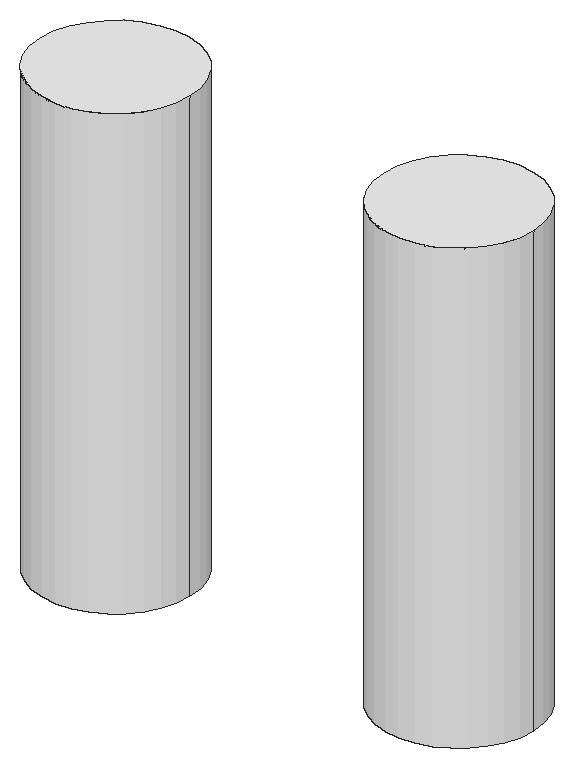
Revit family "54832007(2022)", category Plumbing Fixtures, Revit 2018
Family settings
  Round Connector Dimension = Use Diameter
  Part Type = Normal
  OmniClass Number = 23.45.55.00
  OmniClass Title = Sanitary Faucets, Wastes
  Work Plane-Based = No
  Always vertical = Yes
  Cut with Voids When Loaded = No
  Shared = No
  Room Calculation Point = No
Parameters (values of type "54832007 Bath faucet, floor mounting ")
  WorkingPressure = "50 - 1000 kPa"
  Working Pressure = "50 - 1000 kPa"
  WarrantyStartDate [instance] = "n/a"
  WarrantyGuarantorParts = "n/a"
  WarrantyGuarantorLabor = "n/a"
  WarrantyDurationUnit = "Year"
  WarrantyDurationParts = "n/a"
  WarrantyDurationLabor = "n/a"
  WarrantyDescription = "http://warranty.hansa.com"
  Warranty Information URL = "http://warranty.hansa.com"
  VersionDate = "01/07/2022"
  Version = "2"  # constant formula
  ValvePattern = "n/a"
  ValveOperation = "n/a"
  ValveMechanism = "n/a"
  Uniclass2015Reference = "Pr_40_20_87_07"
  Uniclass2015Description = "Bath manual water supply sets"
  Uniclass2 = "Pr_40_30_96_07"
  URL REACH = "http://static.hansa.com/doc/reach"
  URL Declaration of Conformity = "http://static.hansa.com/DoC/54832007"
  URL = ""
  UNSPSC Class Number = "30181810 Faucet trim"
  TestPressure = "n/a"
  Temperature Adjustments = "Limitation option for maximum temperature and flow-rate ;Adjustable hot water stop (included, retrofittable)"
  Temperature = "Temperature limiter"
  Technical DataSheet URL = "http://www.hansa.com/datasheet/54832007/en"
  TagNumber [instance] = "n/a"
  SustainabilityPerformance = "n/a"
  Surface treatment = "Chrome"
  Spout Type = "Fixed spout"
  Spout Projection = "209 mm"
  Spare-Part Information URL = "http://static.hansa.com/sp/54832007"
  Size = "55x175x165 mm"
  Shower Parts = "Hand shower;Shower hose (1600 mm)"
  Shape = "Sculptured"
  SerialNumber [instance] = "n/a"
  Sales Package dimensions (LxWxH) = "1030 x 350 x 300"
  Revision = "2"  # constant formula
  ReplacementCost = "n/a"
  ProductInformation = "n/a"
  Product URL = "http://static.hansa.com/54832007"
  Product Image URL = "http://static.hansa.com/image/54832007"
  Product Family = "HANSAVANTIS Style "
  Product Code = "54832007"
  OperatingMechanismMaterial = "n/a"
  NominalWidth = 98.913 mm
  NominalHeight = 1025.1 mm
  NominalDepth = 293.122 mm
  Noise Class = "I (ISO 3822)"
  Name_en = "54832007 Bath faucet, floor mounting"
  Name = "54832007 Bath faucet, floor mounting"
  NBSReference = "45-35-70/315"
  NBSDescription = "Water supply fittings for baths"
  ModelReference = "54832007"
  ModelNumber = "n/a"
  Model = "54832007 Bath faucet, floor mounting"
  Mobile Product Information URL = "http://mpi.hansa.com/54832007"
  Mechanical Parts = "ø 40 mm ceramic cartridge for flow and temperature control"
  Max. Hot Water Supply = 80 °C
  Material = "Brass"
  Market = "International;Germany;Austria;Belgium;Netherlands;France;Czech Republic;Slovakia;Italy;Spain"
  ManufacturerURL = "http://www.hansa.com"
  ManufacturerName = "HANSA"
  Manufacturer = "HANSA"
  Lever Handle = "Single operating lever/handle;Pin shape;Hot/Cold symbols"
  Keynote = ""
  Interactive AR View URL = "https://static.hansa.com/AR/54832007"
  InstallationDate [instance] = "n/a"
  Installation and Maintenance Guide URL = "http://static.hansa.com/manual/54832007"
  Installation Width = "CC150± 15 mm"
  Installation Type = "Floor standing"
  InletConnectionSize = 10 mm
  IfcExportType = "FAUCET"  # constant formula
  IfcExportAs = "IfcValveType"  # constant formula
  Group = "Bath faucet"
  Grade = "n/a"
  FlowCoefficient = 0
  Flow Rate At 300kPa = 340.23 L/s
  Flow Drawing URL = "http://static.hansa.com/flowchart/54832007"
  Finish = "Polished"
  Features = "Single-lever"
  FaucetMainMaterial = Brass
  FDV Document URL = "http://www.hansa.com/datasheet/54832007/en/fdv"
  ExpectedLife = "n/a"
  ETIM Class Number = "EC010546 Mechanical control system for shower"
  EN Standard = "EN 817"
  EAN Number = "4057304017599"
  DurationUnit = "Year"
  Diverter = "Pull operated diverter"
  Dimension Drawing URL = "http://static.hansa.com/dimdrw/54832007"
  Description = ""
  DefaultElevation [instance] = 900 mm
  Constituents = "n/a"
  Connection Size = "G1/2"
  Color = "Chrome"
  CodePerformance = "n/a"
  CloseOffRating = 0
  Catalog Drawing URL = "http://static.hansa.com/catdrw/54832007"
  Brand = "HANSA"
  BodyMaterial = "Brass"
  Barcode [instance] = "n/a"
  Backflow Prevention EN1717 = "EB"
  BIMObjectName = "54832007(2022)"
  Author = "BIMStone"
  AssetType = "Fixed"
  AssetIdentifier [instance] = "n/a"
  Advanced Features = "Inner body made of DZR brass"
  AccessibilityPerformance = "n/a"
  3D View = "https://static.hansa.com/3D/54832007"
  2D/3D/BIM Files URL = "http://static.hansa.com/bim/54832007"
Reference planes
  plane 1 "Center (Front/Back)": y = 0
  plane 2: z = 0
  plane 3 "Center (Left/Right)": x = 0
  plane 4: x = -67.492
  plane 5: z = 900
  plane 6: z = 870
  plane 7: y = -293.122
  plane 8: x = 67.492
  plane 9: z = 1925.1
  plane 10: x = 152.333
Forms (mm)
  Extrusion 1, solid, material "Brass" <- "FaucetMainMaterial"
    sketch origin (-1.994, -45.05, 0) x (1, 0, 0) y (0, 1, 0)
      loop
        circle (-11.5, -22.5) r 5
      loop
        circle (11.5, -22.5) r 5
    from 870 to 900
Dimensions and locks
  "DefaultElevation": plane 5 to level
  locked: plane 5 to plane 6 at 30
  "NominalDepth": plane 7 to plane 1 "Center (Front/Back)"
  equal spacing: plane 4, plane 3 "Center (Left/Right)", plane 8
  "NominalHeight": plane 9 to plane 5
  plane 8 to plane 10 = 84.841 mm
  "InletConnectionSize": diameter of Extrusion 1 sketch curve  (x2)
  aligned and locked: level to plane 2
  aligned and locked: plane 5 to Extrusion 1
  aligned and locked: Extrusion 1 to plane 6
  aligned and locked: plane 9 to nested 2
Automatic sketch dimensions
  Extrusion 1 sketch curve to plane 3 "Center (Left/Right)" = 13.494 mm
  plane 3 "Center (Left/Right)" to Extrusion 1 sketch curve = 9.506 mm
  plane 1 "Center (Front/Back)" to Extrusion 1 sketch curve = 67.55 mm  (x2)
Nested families
  nested 1: "Symbol" at (-1.994, 0, 0), type "Symbol", detail levels coarse
  nested 2: "54832007(2022)_p" at (0.008, 0, 900.004), Body <- "FaucetMainMaterial", type "54832007(2022)_p"
    with Body Brass
Connectors
  piping at (-13.494, -67.55, 870), diameter 10, driven by "InletConnectionSize"
    settings: on Extrusion 1, index 1, connector inside diameter 609.6 mm, connector length 0 mm, flow factor 0, pipe flow 340.23 L/s, pressure drop 0.0 Pa, fitting loss kfactor 0, connector angle 0.00°, fixture units 0, engagement length 0 mm, angle of deflection 0.00°, flow configuration 1, flow direction 1, fitting loss method 0, system type 19, joint type 0, gender type 0, connector reference index -1, connector utility 0, adjustable connector no, is connector primary yes, connector description ""
  piping at (9.506, -67.55, 870), diameter 10, driven by "InletConnectionSize"
    settings: on Extrusion 1, index 2, connector inside diameter 609.6 mm, connector length 0 mm, flow factor 0, pipe flow 340.23 L/s, pressure drop 0.0 Pa, fitting loss kfactor 0, connector angle 0.00°, fixture units 0, engagement length 0 mm, angle of deflection 0.00°, flow configuration 1, flow direction 1, fitting loss method 0, system type 20, joint type 0, gender type 0, connector reference index -1, connector utility 0, adjustable connector no, is connector primary no, connector description ""
Definition of nested family "Symbol"
  Reference planes
    plane 1: y = 0
    plane 2: x = 0
  Lines and regions (mm)
    detail lines
      curve 1: line (0, 0, 0) -> (0, -1.8, 0)
      curve 2: line (-0.4, -1.1, 0) -> (0.4, -1.1, 0)
      curve 3: line (-0.4, -1.4, 0) -> (0.4, -1.4, 0)
      curve 4: line (0.863, 0, 0) -> (-0.863, 0, 0)
      curve 5: circle (-1.163, 0, 0) r 0.3 normal (0, 0, -1)
      curve 6: circle (1.163, 0, 0) r 0.3 normal (0, 0, 1)
Definition of nested family "54832007(2022)_p"
  Parameters (values of type "54832007(2022)_p")
    Body [instance] = none
  Reference planes
    plane 1 "Center (Front/Back)": y = 0
    plane 2: z = 0
    plane 3 "Center (Left/Right)": x = 0
  Forms (mm)
    Extrusion 1, solid, material <- "Body", detail levels medium
      sketch origin (0, 0, 0) x (1, 0, 0) y (0, 1, 0)
        loop
          circle (0, -67.5) r 67.5
      from 0 to 20
    Extrusion 2, solid, material <- "Body", detail levels medium
      sketch origin (0, 0, 0) x (1, 0, 0) y (0, 1, 0)
        loop
          circle (0, -67.749) r 25
      from 20 to 932.025
    Extrusion 3, solid, material <- "Body", detail levels medium
      sketch origin (0, 0, 0) x (1, 0, 0) y (0, 0, 1)
        loop
          circle (0, 927.025) r 5
      from 75.727 to 155.923
    Extrusion 4, solid, material <- "Body", detail levels medium
      sketch origin (0, 0, 0) x (1, 0, 0) y (0, 0, 1)
        loop
          circle (0, 837.657) r 15
      from 75.727 to 293.136
    Extrusion 5, solid, material <- "Body", detail levels medium
      sketch origin (0, 0, 0) x (1, 0, 0) y (0, 1, 0)
        loop
          circle (0, -276.379) r 10
      from 822.146 to 830.209
    Revolve 6, solid, material <- "Body", detail levels medium
      sketch origin (0, -137.5, 0) x (1, 0, 0) y (0, 0, 1)
        loop
          line (0, 744.451) -> (0, 831.147) -> (-15.209, 831.147) -> (-7.625, 744.451) -> (0, 744.451)
        axis (0, 831.147) -> (0, 744.451)
      angle from 0 to 360
    Extrusion 7, solid, material <- "Body", detail levels medium
      sketch origin (0, 0, 0) x (0, 1, 0) y (0, 0, 1)
        loop
          circle (-67.452, 746.942) r 13.184
      from 0 to 105.5
    Extrusion 8, solid, material <- "Body", detail levels medium
      sketch origin (0, 0, 0) x (1, 0, 0) y (0, 1, 0)
        loop
          circle (92.212, -67.65) r 12
      from 744.589 to 919.709
    Extrusion 9, solid, material <- "Body", detail levels medium
      sketch origin (0, 262.267, 63.164) x (1, 0, 0) y (0, -0.275637, 0.961262)
        loop
          circle (91.809, 963.707) r 60
      from 68.676 to 105.152
    Extrusion 10, solid, material <- "Body", detail levels medium
      sketch origin (0, 0, 0) x (1, 0, 0) y (0, 1, 0)
        loop
          circle (92.638, -67.713) r 7.54
      from 707.64 to 744.451
    Extrusion 11, solid, material <- "Body", detail levels coarse
      sketch origin (0, 0, 0) x (1, 0, 0) y (0, 1, 0)
        loop
          line (-67.5, 0) -> (-67.5, -293.136) -> (152.419, -293.136) -> (152.419, 0) -> (-67.5, 0)
      from 0 to 1025.096
  Lines and regions (mm)
    symbolic lines, detail levels medium+fine
      curve 1: line (-67.5, 0, 0) -> (67.5, 0, 0)
      curve 2: line (-67.5, 0, 0) -> (-67.5, 0, 17.996)
      curve 3: arc (-67.5, 0, 17.996) -> (-66.914, 0, 19.412) -> (-65.5, 0, 20) r 2.004
      curve 4: line (-65.5, 0, 20) -> (-24.26, 0, 20)
      curve 5: line (-24.26, 0, 20) -> (-24.26, 0, 897.385)
      curve 6: line (-24.196, 0, 897.596) -> (-23.233, 0, 899.058)
      curve 8: arc (-24.26, 0, 897.385) -> (-24.243, 0, 897.495) -> (-24.196, 0, 897.596) r 0.385
      curve 9: arc (-24.257, 0, 899.641) -> (-23.822, 0, 899.214) -> (-23.233, 0, 899.058) r 1.19
      curve 10: line (-24.257, 0, 899.641) -> (-24.257, 0, 930.092)
      curve 11: arc (-24.257, 0, 930.092) -> (-23.785, 0, 931.231) -> (-22.647, 0, 931.702) r 1.61
      curve 12: arc (-22.647, 0, 931.702) -> (-12.653, 0, 931.814) -> (-2.664, 0, 932.149) r 447.05
      curve 13: arc (-2.664, 0, 932.149) -> (-0.976, 0, 932.875) -> (0.844, 0, 933.124) r 6.799
      curve 14: arc (0.844, 0, 933.124) -> (2.618, 0, 932.828) -> (4.201, 0, 931.973) r 5.472
      curve 15: line (4.201, 0, 931.973) -> (8.168, 0, 931.973)
      curve 16: arc (8.168, 0, 931.973) -> (15.401, 0, 931.908) -> (22.632, 0, 931.713) r 402.793
      curve 17: line (24.243, 0, 20) -> (24.243, 0, 734.244)
      curve 18: line (24.103, 0, 897.713) -> (23.217, 0, 899.058)
      curve 19: arc (24.241, 0, 899.641) -> (23.806, 0, 899.214) -> (23.217, 0, 899.058) r 1.19
      curve 20: line (24.241, 0, 899.641) -> (24.241, 0, 930.092)
      curve 21: arc (24.243, 0, 897.245) -> (24.208, 0, 897.489) -> (24.103, 0, 897.713) r 0.851
      curve 22: arc (22.632, 0, 931.713) -> (23.757, 0, 931.221) -> (24.241, 0, 930.092) r 1.669
      curve 23: line (24.243, 0, 20) -> (65.5, 0, 20)
      curve 24: line (67.5, 0, 0) -> (67.5, 0, 17.886)
      curve 25: arc (67.5, 0, 17.886) -> (66.921, 0, 19.341) -> (65.5, 0, 20) r 2.117
      curve 26: line (24.243, 0, 760.74) -> (24.243, 0, 897.245)
      curve 27: line (24.243, 0, 760.74) -> (80.953, 0, 760.74)
      curve 28: line (80.953, 0, 760.74) -> (80.953, 0, 763.305)
      curve 29: line (80.953, 0, 763.305) -> (77.134, 0, 763.305)
      curve 30: arc (77.134, 0, 763.305) -> (76.425, 0, 763.582) -> (76.089, 0, 764.266) r 1.048
      curve 31: line (76.089, 0, 764.266) -> (76.089, 0, 876.442)
      curve 32: arc (76.089, 0, 876.442) -> (75.403, 0, 887.455) -> (73.355, 0, 898.297) r 88.709
      curve 33: arc (73.355, 0, 898.297) -> (70.253, 0, 905.8) -> (65.157, 0, 912.12) r 28.446
      curve 34: arc (65.157, 0, 912.12) -> (34.275, 0, 979.329) -> (92.38, 0, 1025.096) r 59.768
      curve 35: arc (92.38, 0, 1025.096) -> (150.43, 0, 980.106) -> (121.346, 0, 912.668) r 59.945
      curve 36: arc (121.346, 0, 912.668) -> (117.033, 0, 909.141) -> (114.252, 0, 904.314) r 15.451
      curve 37: arc (114.252, 0, 904.314) -> (110.461, 0, 890.235) -> (108.912, 0, 875.738) r 93.165
      curve 38: line (108.912, 0, 875.738) -> (108.912, 0, 764.264)
      curve 39: arc (108.912, 0, 764.264) -> (108.52, 0, 763.473) -> (107.652, 0, 763.305) r 0.995
      curve 40: line (107.652, 0, 763.305) -> (104.172, 0, 763.305)
      curve 41: line (104.172, 0, 763.305) -> (103.833, 0, 756.835)
      curve 42: line (103.833, 0, 756.835) -> (104.616, 0, 756.835)
      curve 43: arc (104.616, 0, 756.835) -> (105.28, 0, 756.538) -> (105.5, 0, 755.845) r 0.89
      curve 44: line (105.5, 0, 755.845) -> (105.5, 0, 739.155)
      curve 45: arc (105.5, 0, 739.155) -> (105.198, 0, 738.426) -> (104.468, 0, 738.124) r 1.032
      curve 46: line (104.468, 0, 738.124) -> (103.065, 0, 738.124)
      curve 47: line (103.065, 0, 738.124) -> (102.841, 0, 733.852)
      curve 48: arc (102.841, 0, 733.852) -> (102.664, 0, 733.481) -> (102.277, 0, 733.344) r 0.537
      curve 49: line (102.277, 0, 733.344) -> (99.994, 0, 733.344)
      curve 50: line (99.994, 0, 733.344) -> (99.994, 0, 708.344)
      curve 51: line (99.994, 0, 708.344) -> (84.994, 0, 708.344)
      curve 52: line (84.994, 0, 708.344) -> (84.994, 0, 733.344)
      curve 53: line (84.994, 0, 733.344) -> (82.726, 0, 733.344)
      curve 54: arc (82.726, 0, 733.344) -> (82.33, 0, 733.494) -> (82.133, 0, 733.869) r 0.597
      curve 55: line (82.133, 0, 733.869) -> (82.133, 0, 734.78)
      curve 56: line (82.133, 0, 734.78) -> (81.761, 0, 734.456)
      curve 57: line (81.03, 0, 734.244) -> (24.243, 0, 734.244)
      curve 58: arc (81.761, 0, 734.456) -> (81.41, 0, 734.298) -> (81.03, 0, 734.244) r 1.369
      curve 111: line (0, 0, 0) -> (0, -135.101, 0)
      curve 112: line (0, 0, 0) -> (0, 0, 17.959)
      curve 113: arc (0, 0, 17.959) -> (0, -0.598, 19.402) -> (0, -2.041, 20) r 2.041
      curve 114: line (0, -2.041, 20) -> (0, -43.301, 20)
      curve 115: line (0, -43.301, 20) -> (0, -43.301, 897.078)
      curve 116: line (0, -43.522, 897.849) -> (0, -44.081, 898.743)
      curve 117: line (0, -44.081, 898.743) -> (0, -43.292, 898.743)
      curve 118: arc (0, -43.301, 897.078) -> (0, -43.357, 897.479) -> (0, -43.522, 897.849) r 1.455
      curve 119: line (0, -42.96, 899.228) -> (0, -42.429, 929.652)
      curve 120: arc (0, -43.292, 898.743) -> (0, -43.053, 898.936) -> (0, -42.96, 899.228) r 0.533
      curve 121: arc (0, -42.429, 929.652) -> (0, -42.863, 930.755) -> (0, -43.95, 931.227) r 1.548
      curve 122: line (0, -43.95, 931.227) -> (0, -59.297, 931.227)
      curve 123: line (0, -59.297, 931.227) -> (0, -61.072, 939.577)
      curve 124: arc (0, -61.072, 939.577) -> (0, -73.901, 982.98) -> (0, -93.317, 1023.863) r 290.51
      curve 125: arc (0, -93.317, 1023.863) -> (0, -94.542, 1024.944) -> (0, -96.173, 1025.058) r 2.547
      curve 126: line (0, -96.173, 1025.058) -> (0, -111.037, 1020.654)
      curve 127: line (0, -111.037, 1020.654) -> (0, -111.876, 1018.35)
      curve 128: line (0, -111.876, 1018.35) -> (0, -111.731, 1010.06)
      curve 129: arc (0, -111.731, 1010.06) -> (0, -107.124, 970.22) -> (0, -94.872, 932.033) r 205.626
      curve 130: line (0, -94.872, 932.033) -> (0, -153.57, 933.057)
      curve 131: arc (0, -153.57, 933.057) -> (0, -155.061, 932.47) -> (0, -155.7, 931.001) r 2.093
      curve 132: line (0, -155.7, 931.001) -> (0, -155.7, 924.707)
      curve 133: arc (0, -155.7, 924.707) -> (0, -155.17, 923.322) -> (0, -153.852, 922.643) r 2.076
      curve 134: line (0, -153.852, 922.643) -> (0, -96.788, 921.647)
      curve 135: arc (0, -96.788, 921.647) -> (0, -95.336, 921.529) -> (0, -93.912, 921.226) r 11.385
      curve 136: arc (0, -93.912, 921.226) -> (0, -92.009, 919.924) -> (0, -91.289, 917.734) r 3.593
      curve 137: line (0, -91.289, 917.734) -> (0, -91.448, 900.113)
      curve 138: arc (0, -91.448, 900.113) -> (0, -91.358, 899.787) -> (0, -91.108, 899.558) r 0.613
      curve 139: line (0, -91.108, 899.558) -> (0, -90.251, 899.558)
      curve 140: line (0, -90.251, 899.558) -> (0, -91.639, 897.782)
      curve 141: line (0, -91.788, 897.35) -> (0, -91.788, 854.173)
      curve 142: arc (0, -91.639, 897.782) -> (0, -91.75, 897.579) -> (0, -91.788, 897.35) r 0.702
      curve 143: line (0, -91.788, 854.173) -> (0, -290.127, 851.052)
      curve 144: arc (0, -290.127, 851.052) -> (0, -292.265, 850.127) -> (0, -293.122, 847.961) r 3.043
      curve 145: line (0, -293.122, 847.961) -> (0, -293.122, 827.961)
      curve 146: arc (0, -293.122, 827.961) -> (0, -292.235, 825.82) -> (0, -290.094, 824.933) r 3.028
      curve 147: line (0, -290.094, 824.933) -> (0, -286.54, 824.933)
      curve 148: line (0, -286.54, 824.933) -> (0, -286.54, 823.244)
      curve 149: arc (0, -286.54, 823.244) -> (0, -286.494, 823.11) -> (0, -286.375, 823.033) r 0.217
      curve 150: line (0, -286.375, 823.033) -> (0, -266.281, 822.761)
      curve 151: arc (0, -266.281, 822.761) -> (0, -266.14, 822.817) -> (0, -266.08, 822.957) r 0.199
      curve 152: line (0, -266.08, 822.957) -> (0, -266.057, 824.604)
      curve 153: line (0, -266.057, 824.604) -> (0, -156.067, 823.113)
      curve 154: arc (0, -156.067, 823.113) -> (0, -152.993, 821.79) -> (0, -151.754, 818.681) r 4.373
      curve 155: line (0, -151.754, 818.681) -> (0, -151.754, 813.5)
      curve 156: line (0, -151.754, 813.5) -> (0, -147.036, 813.5)
      curve 157: line (0, -147.036, 813.5) -> (0, -147.036, 812)
      curve 158: line (0, -147.036, 812) -> (0, -149.973, 812)
      curve 159: line (0, -149.973, 812) -> (0, -149.973, 804.206)
      curve 160: arc (0, -149.973, 804.206) -> (0, -150.133, 803.663) -> (0, -150.563, 803.293) r 1.003
      curve 161: arc (0, -150.563, 803.293) -> (0, -151.242, 801.955) -> (0, -150.086, 801) r 1.2
      curve 162: line (0, -150.086, 801) -> (0, -148.002, 801)
      curve 163: line (0, -148.002, 801) -> (0, -148.002, 800.186)
      curve 164: line (0, -148.002, 800.186) -> (0, -148.841, 800.186)
      curve 165: line (0, -149.17, 799.655) -> (0, -147.903, 770.694)
      curve 166: arc (0, -148.841, 800.186) -> (0, -149.088, 799.971) -> (0, -149.17, 799.655) r 0.553
      curve 167: arc (0, -147.903, 770.694) -> (0, -147.752, 770.345) -> (0, -147.407, 770.186) r 0.533
      curve 168: line (0, -147.407, 770.186) -> (0, -145.022, 770.186)
      curve 169: line (0, -145.022, 770.186) -> (0, -145.022, 747.069)
      curve 170: arc (0, -145.022, 747.069) -> (0, -144.807, 745.909) -> (0, -144.189, 744.905) r 3.226
      curve 171: arc (0, -144.189, 744.905) -> (0, -143.734, 744.587) -> (0, -143.186, 744.501) r 1.236
      curve 172: line (0, -143.186, 744.501) -> (0, -131.593, 744.501)
      curve 173: line (0, -123.025, 818.681) -> (0, -123.025, 813.5)
      curve 174: line (0, -123.025, 813.5) -> (0, -127.743, 813.5)
      curve 175: line (0, -127.743, 813.5) -> (0, -127.743, 812)
      curve 176: line (0, -127.743, 812) -> (0, -124.806, 812)
      curve 177: line (0, -124.806, 812) -> (0, -124.806, 804.206)
      curve 178: arc (0, -124.806, 804.206) -> (0, -124.646, 803.663) -> (0, -124.216, 803.293) r 1.003
      curve 179: arc (0, -124.216, 803.293) -> (0, -123.536, 801.955) -> (0, -124.693, 801) r 1.2
      curve 180: line (0, -124.693, 801) -> (0, -126.777, 801)
      curve 181: line (0, -126.777, 801) -> (0, -126.777, 800.186)
      curve 182: line (0, -126.777, 800.186) -> (0, -125.938, 800.186)
      curve 183: line (0, -125.608, 799.655) -> (0, -126.876, 770.694)
      curve 184: line (0, -127.372, 770.186) -> (0, -129.756, 770.186)
      curve 185: line (0, -129.756, 770.186) -> (0, -129.756, 747.069)
      curve 186: arc (0, -129.756, 747.069) -> (0, -129.972, 745.909) -> (0, -130.59, 744.905) r 3.226
      curve 187: arc (0, -130.59, 744.905) -> (0, -131.045, 744.587) -> (0, -131.593, 744.501) r 1.236
      curve 188: line (0, -118.864, 822.436) -> (0, -91.8, 821.963)
      curve 189: line (0, -91.8, 821.963) -> (0, -91.8, 20)
      curve 194: arc (0, -118.864, 822.436) -> (0, -121.779, 821.483) -> (0, -123.025, 818.681) r 3.774
      curve 200: arc (0, -125.938, 800.186) -> (0, -125.626, 800.012) -> (0, -125.608, 799.655) r 0.368
      curve 204: arc (0, -135.101, 17.959) -> (0, -134.503, 19.402) -> (0, -133.06, 20) r 2.041
      curve 205: line (0, -133.06, 20) -> (0, -91.8, 20)
      curve 206: line (0, -135.101, 17.959) -> (0, -135.101, 0)
      curve 207: arc (-15.305, -133.3, 0) -> (-46.941, -18.984, 0) -> (66.248, -54.44, 0) r 67.528
      curve 208: line (-15.305, -133.3, 0) -> (-13.109, -290.126, 0)
      curve 209: arc (-13.109, -290.126, 0) -> (-12.195, -292.261, 0) -> (-10.044, -293.136, 0) r 3.053
      curve 210: line (-10.044, -293.136, 0) -> (9.956, -293.136, 0)
      curve 211: arc (9.956, -293.136, 0) -> (12.183, -292.214, 0) -> (13.105, -289.988, 0) r 3.148
      curve 212: line (13.105, -289.988, 0) -> (15.384, -133.214, 0)
      curve 213: line (66.248, -54.44, 0) -> (102.823, -54.44, 0)
      curve 214: line (108.06, -55.223, 0) -> (117.59, -58.137, 0)
      curve 215: arc (117.59, -58.137, 0) -> (126.599, -61.086, 0) -> (135.485, -64.387, 0) r 241.014
      curve 216: arc (135.485, -64.387, 0) -> (141.52, -67.079, 0) -> (147.294, -70.292, 0) r 74.886
      curve 217: arc (147.294, -70.292, 0) -> (151.001, -74.122, 0) -> (152.419, -79.261, 0) r 10.778
      curve 218: line (152.419, -79.261, 0) -> (152.419, -93.522, 0)
      curve 219: arc (152.419, -93.522, 0) -> (151.265, -98.02, 0) -> (148.087, -101.407, 0) r 9.342
      curve 220: arc (148.087, -101.407, 0) -> (139.921, -105.613, 0) -> (131.133, -108.285, 0) r 50.956
      curve 221: arc (131.133, -108.285, 0) -> (92.457, -112.201, 0) -> (53.807, -108.044, 0) r 187.2
      curve 222: arc (15.384, -133.214, 0) -> (37.13, -124.498, 0) -> (53.807, -108.044, 0) r 59.333
      curve 223: arc (102.823, -54.44, 0) -> (105.471, -54.637, 0) -> (108.06, -55.223, 0) r 17.91
    symbolic lines, detail levels fine
      curve 7: line (-23.233, 0, 899.058) -> (-21.429, 0, 899.058)
      curve 59: arc (84.84, 0, 737.341) -> (83.514, 0, 736.032) -> (82.133, 0, 734.78) r 44.283
      curve 60: arc (99.564, 0, 738.124) -> (92.049, 0, 740.616) -> (84.84, 0, 737.341) r 10.854
      curve 61: line (103.065, 0, 738.124) -> (99.564, 0, 738.124)
      curve 62: line (80.561, 0, 760.74) -> (85.127, 0, 756.629)
      curve 63: arc (85.127, 0, 756.629) -> (92.634, 0, 753.807) -> (100.06, 0, 756.835) r 10.992
      curve 64: line (103.833, 0, 756.835) -> (100.06, 0, 756.835)
      curve 65: line (80.953, 0, 763.305) -> (104.172, 0, 763.305)
      curve 66: arc (121.346, 0, 912.668) -> (93.324, 0, 904.982) -> (65.157, 0, 912.12) r 56.953
      curve 67: arc (4.201, 0, 931.973) -> (0.467, 0, 920.295) -> (-2.664, 0, 932.149) r 6.386
      curve 68: line (-21.429, 0, 899.058) -> (23.217, 0, 899.058)
      curve 69: arc (24.243, 0, 734.244) -> (20.694, 0, 747.492) -> (24.243, 0, 760.74) r 26.496
      curve 70: line (-7.685, 0, 745.186) -> (7.315, 0, 745.186)
      curve 71: line (7.315, 0, 745.186) -> (7.315, 0, 770.186)
      curve 72: line (7.315, 0, 770.186) -> (10.314, 0, 770.186)
      curve 73: line (10.314, 0, 770.186) -> (11.624, 0, 799.638)
      curve 74: arc (11.624, 0, 799.638) -> (11.489, 0, 800.014) -> (11.128, 0, 800.186) r 0.525
      curve 75: line (11.128, 0, 800.186) -> (8.829, 0, 800.186)
      curve 76: line (10.496, 0, 800.186) -> (10.496, 0, 801)
      curve 77: line (10.496, 0, 801) -> (12.518, 0, 801)
      curve 78: arc (12.518, 0, 801) -> (13.709, 0, 801.947) -> (13.057, 0, 803.321) r 1.223
      curve 79: line (12.5, 0, 812) -> (12.5, 0, 804.173)
      curve 80: arc (12.5, 0, 804.173) -> (12.652, 0, 803.664) -> (13.057, 0, 803.321) r 0.931
      curve 81: line (12.5, 0, 812) -> (10.463, 0, 812)
      curve 82: line (10.463, 0, 812) -> (10.463, 0, 813.5)
      curve 83: line (10.463, 0, 813.5) -> (14.279, 0, 813.5)
      curve 84: line (14.279, 0, 813.5) -> (14.279, 0, 829.363)
      curve 85: circle (-0.099, 0, 837.831) r 16.687 normal (0, -1, 0)
      curve 86: line (7.487, 0, 745.186) -> (-7.513, 0, 745.186)
      curve 87: line (-7.513, 0, 745.186) -> (-7.513, 0, 770.186)
      curve 88: line (-7.513, 0, 770.186) -> (-10.512, 0, 770.186)
      curve 89: line (-10.512, 0, 770.186) -> (-11.823, 0, 799.638)
      curve 90: arc (-11.823, 0, 799.638) -> (-11.687, 0, 800.014) -> (-11.326, 0, 800.186) r 0.525
      curve 91: line (-11.326, 0, 800.186) -> (8.829, 0, 800.186)
      curve 92: line (-10.695, 0, 800.186) -> (-10.695, 0, 801)
      curve 93: line (-10.695, 0, 801) -> (-12.716, 0, 801)
      curve 94: arc (-12.716, 0, 801) -> (-13.908, 0, 801.947) -> (-13.255, 0, 803.321) r 1.223
      curve 95: line (-12.698, 0, 812) -> (-12.698, 0, 804.173)
      curve 96: arc (-12.698, 0, 804.173) -> (-12.85, 0, 803.664) -> (-13.255, 0, 803.321) r 0.931
      curve 97: line (-12.698, 0, 812) -> (-10.662, 0, 812)
      curve 98: line (-10.662, 0, 812) -> (-10.662, 0, 813.5)
      curve 99: line (-10.662, 0, 813.5) -> (-14.477, 0, 813.5)
      curve 100: line (-14.477, 0, 813.5) -> (-14.477, 0, 829.363)
      curve 101: line (-10.695, 0, 801) -> (10.496, 0, 801)
      curve 102: line (-10.662, 0, 812) -> (10.463, 0, 812)
      curve 103: line (10.463, 0, 813.5) -> (-10.662, 0, 813.5)
      curve 104: line (-7.513, 0, 770.186) -> (7.315, 0, 770.186)
      curve 105: circle (-0.13, 0, 838.128) r 12.747 normal (0, -1, 0)
      curve 106: line (-9.934, 0, 829.98) -> (-9.934, 0, 823.393)
      curve 107: line (-9.934, 0, 823.393) -> (10.066, 0, 823.393)
      curve 108: line (10.066, 0, 823.393) -> (10.066, 0, 829.767)
      curve 109: line (84.994, 0, 733.344) -> (99.994, 0, 733.344)
      curve 110: line (-24.26, 0, 20) -> (24.243, 0, 20)
      curve 190: line (0, -59.297, 931.227) -> (0, -74.288, 931.75)
      curve 191: arc (0, -74.288, 931.75) -> (0, -84.578, 932.001) -> (0, -94.872, 932.033) r 485.572
      curve 192: arc (0, -91.8, 821.963) -> (0, -87.775, 838.066) -> (0, -91.788, 854.173) r 34.28
      curve 193: arc (0, -286.54, 824.933) -> (0, -276.247, 828.005) -> (0, -266.057, 824.604) r 17.823
      curve 195: arc (0, -152.993, 821.79) -> (0, -137.338, 826.473) -> (0, -121.779, 821.483) r 27.6
      curve 196: line (0, -127.743, 813.5) -> (0, -147.036, 813.5)
      curve 197: line (0, -147.036, 812) -> (0, -127.743, 812)
      curve 198: line (0, -126.777, 801) -> (0, -148.002, 801)
      curve 199: line (0, -148.002, 800.186) -> (0, -126.777, 800.186)
      curve 201: line (0, -129.756, 770.186) -> (0, -145.022, 770.186)
      curve 202: line (0, -44.081, 898.743) -> (0, -90.251, 899.558)
      curve 203: line (0, -43.301, 20) -> (0, -91.8, 20)
      curve 224: line (-15.305, -133.3, 0) -> (-16.136, -85.662, 0)
      curve 225: line (15.384, -133.214, 0) -> (16.216, -85.556, 0)
      curve 226: arc (-16.136, -85.662, 0) -> (-23.141, -58.391, 0) -> (-0.021, -42.321, 0) r 24.666
      curve 227: arc (11.984, -88.535, 0) -> (12.539, -88.217, 0) -> (13.085, -87.884, 0) r 24.666
      curve 228: arc (-16.136, -85.662, 0) -> (-14.458, -86.988, 0) -> (-12.67, -88.163, 0) r 24.666
      curve 229: line (-4.458, -153.831, 0) -> (-4.458, -98.831, 0)
      curve 230: line (5.542, -153.831, 0) -> (5.542, -98.831, 0)
      curve 231: arc (13.085, -87.884, 0) -> (23.684, -60.169, 0) -> (-0.021, -42.321, 0) r 24.666
      curve 232: arc (5.542, -98.831, 0) -> (7.285, -92.758, 0) -> (11.984, -88.535, 0) r 11.448
      curve 233: arc (-4.458, -98.831, 0) -> (-6.749, -92.1, 0) -> (-12.67, -88.163, 0) r 11.034
      curve 234: arc (-2.506, -155.783, 0) -> (-3.886, -155.211, 0) -> (-4.458, -153.831, 0) r 1.952
      curve 235: line (-2.506, -155.783, 0) -> (4.047, -155.783, 0)
      curve 236: arc (4.047, -155.783, 0) -> (5.125, -155.06, 0) -> (5.542, -153.831, 0) r 2.022
      curve 237: line (66.248, -54.44, 0) -> (21.216, -54.44, 0)
      curve 238: line (32.532, -81.013, 0) -> (20.27, -81.013, 0)
      curve 239: line (32.532, -81.013, 0) -> (32.532, -92.959, 0)
      curve 240: arc (32.532, -92.959, 0) -> (33.963, -98.283, 0) -> (37.87, -102.173, 0) r 10.622
      curve 241: arc (37.87, -102.173, 0) -> (45.592, -105.779, 0) -> (53.807, -108.044, 0) r 50.876
      curve 242: arc (37.645, -70.79, 0) -> (33.881, -75.298, 0) -> (32.532, -81.013, 0) r 12.776
      curve 243: arc (54.354, -62.018, 0) -> (45.648, -65.735, 0) -> (37.645, -70.79, 0) r 59.296
      curve 244: arc (75.141, -55.094, 0) -> (64.744, -58.545, 0) -> (54.354, -62.018, 0) r 5371.572
      curve 245: arc (78.963, -54.44, 0) -> (77.027, -54.623, 0) -> (75.141, -55.094, 0) r 12.954
      curve 246: arc (145.136, -86.87, 0) -> (149.474, -83.732, 0) -> (152.419, -79.261, 0) r 14.869
      curve 247: arc (110.134, -95.646, 0) -> (128.074, -93.01, 0) -> (145.136, -86.87, 0) r 90.997
      curve 248: arc (44.636, -89.117, 0) -> (77.147, -94.766, 0) -> (110.134, -95.646, 0) r 227.176
      curve 249: arc (34.566, -83.156, 0) -> (39.166, -86.871, 0) -> (44.636, -89.117, 0) r 20.478
      curve 250: arc (32.64, -79.35, 0) -> (33.337, -81.388, 0) -> (34.566, -83.156, 0) r 7.766
  Dimensions and locks
    aligned and locked: level to plane 2
